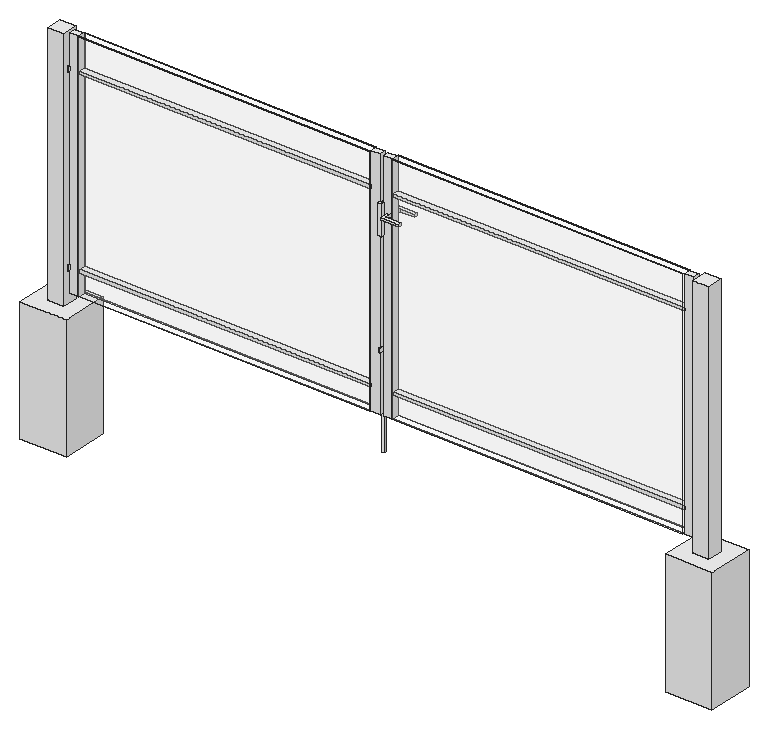
Revit family "NBS_BetafenceLimited_SStlGts_CreazenDouble", category Doors, host Face, Revit 2016
Family settings
  Host = Face
  OmniClass Number = 23.11.25.15.17
  OmniClass Title = Swinging Gates
  Cut with Voids When Loaded = No
  Shared = No
  Room Calculation Point = No
Parameters
  WidthOptions = "4000 mm"
  Width = 4300 mm
  WarrantyStartDate [instance] = "1900-12-31T23:59:59"
  WarrantyGuarantorParts = "n/a"
  WarrantyGuarantorLabor = "n/a"
  WarrantyDurationUnit = "year"
  WarrantyDurationParts = "n/a"
  WarrantyDurationLabor = "n/a"
  WarrantyDescription = "n/a"
  Version = "1"  # constant formula
  UpperHingeOffset = 180 mm
  Uniclass2015Version = "Products v1.6"
  Uniclass2015Title = "Stainless steel gates"
  Uniclass2015Code = "Pr_30_59_34_80"
  ThermalTransmittance = 0
  TagNumber [instance] = "n/a"
  SustainabilityPerformance = "n/a"
  SmokeStop = no
  Size = "To be taken from CAD"
  Shape = "n/a"
  SerialNumber [instance] = "n/a"
  SelfClosing = no
  SecurityRating = "n/a"
  SecurityLevel = "n/a"
  Revision = "n/a"
  ReplacementCost = "n/a"
  Reference = "n/a"
  ProductInformation = "//www.betafence.com/en/creazen-swing-gate"
  Posts = "n/a"
  NominalWidth = Width - PostWidth * 2  # 4100 mm
  NominalLength = 0 mm
  NominalHeight = Height  # 1568 mm
  Name = "StainlessSteelGates_CreazenDouble_BetafenceLimited"
  NBSTypeID = "n/a"
  NBSReference = "45-25-35/313"
  NBSOfficeMasterTag = "n/a"
  NBSNote = "n/a"
  NBSDescription = "Stainless steel gates"
  NBSCertification = "www.nationalbimlibrary.com/cert/4glbnbqb"
  ModelReference = "Creazen Double"
  ModelNumber = "n/a"
  Material = "steel: Type S235 JRH class 1, in accordance with EN 10219-1"
  ManufacturerURL = "www.betafence.co.uk"
  ManufacturerName = "Betafence Limited"  # constant formula
  Manufacturer = "sales.sheffield@betafence.com"  # constant formula
  LowerHingeOffset = 170 mm
  LeafFrameThickness = 60 mm  # constant formula
  IsExternal = yes
  InstallationDate [instance] = "1900-12-31T23:59:59"
  Infiltration = 0
  IfcExportType = "GATE"  # constant formula
  IfcExportAs = "IfcDoorType"  # constant formula
  HeightOptions = "1495 mm"
  HasFoundation [instance] = yes
  HardwareSecuring = "n/a"
  HardwareOperating = "n/a"
  HardwareHinges = "n/a"
  HandicapAccessible = no
  Grade = "n/a"
  GlazingAreaFraction = 0
  GateLeaves = "n/a"
  FireRating = "n/a"
  FireExit = no
  FinishLayerThickness [instance] = 20 mm
  PostMountDepth = 750 mm
  PostLeafGap = 20 mm  # constant formula
  Operation = "DOUBLE_DOOR_SINGLE_SWING"
  LeafWidth [instance] = (Width - (PostLeafGap * 3) - PostWidth * 2) * 0.5  # 2020 mm
  LeafThickness = 40 mm  # constant formula
  LeafMaterial = NBS_BetafenceLimited_StainlessSteelGates_Creazen_Grid
  PostWidth = 100 mm  # constant formula
  PostThickness = 100 mm  # constant formula
  Height = 1568 mm
  Function = 1
  Frame/MullionMaterial = NBS_Concept
  FoundationWidth [instance] = 300 mm
  FoundationMaterial = NBS_Concept
  FoundationDepth [instance] = 800 mm
  Finish = "Polyester coated"
  Features = "n/a"
  ExpectedLife = "n/a"
  DurationUnit = "year"
  Diameter = 0 mm
  Description = "Swing gate"
  Default Elevation = 0 mm
  Construction Type = "STEEL"
  Constituents = "n/a"
  Color = "Green (RAL 6005), black (RAL 9005)"
  CodePerformance = "CE Marking"
  Category = "Pr_30_59_34_80: Stainless steel gates"
  BarCode [instance] = "n/a"
  BIMObjectName = "NBS_BetafenceLimited_StainlessSteelGates_CreazenDouble"
  Author = "NBS"  # constant formula
  AssetType = "Fixed"
  AssetIdentifier [instance] = "n/a"
  Applications = "n/a"
  AcousticRating = "n/a"
  AccessibilityPerformance = "n/a"
  AccessControl = "n/a"
Reference planes
  plane 1 "Center (Front/Back)": y = 0
  plane 2: z = 0
  plane 3 "Center (Left/Right)": x = 0
  plane 4: x = -2150
  plane 5: x = 2150
  plane 6: x = -2050
  plane 7: x = 2050
  plane 8: y = 50
  plane 9: y = -50
  plane 10: z = -750
  plane 11: z = 1568
  plane 12: x = -2030
  plane 13: z = 50
  plane 14: x = 2030
  plane 15: y = 20
  plane 16: y = -20
  plane 17: y = 30
  plane 18: y = -30
  plane 19: z = -20
  plane 20: z = -820
  plane 21 "LatchPostCL": x = -2100
  plane 22 "HingePostCL": x = 2100
  plane 23: x = -2250
  plane 24: x = -1950
  plane 25: y = 150
  plane 26: y = -150
  plane 27: x = 2250
  plane 28: x = 1950
  plane 29: y = 10
  plane 30: y = -10
  plane 31: z = 1290
  plane 32: z = 1130
  plane 33: x = -1890
  plane 34 "GateSwing": y = 2178
  plane 35: z = 1508
  plane 36: x = 1970
  plane 37: x = -1970
  plane 38: z = 110
  plane 39: x = 0
  plane 40: x = 14
  plane 41: y = -40
  plane 42: z = 1104
  plane 43: z = 1294
  plane 44: x = 2063
  plane 45: x = 2080
  plane 46: x = 2120
  plane 47: y = 78
  plane 48: y = 98
  plane 49: z = 170
  plane 50: z = 230
  plane 51: z = 1388
  plane 52: z = 1328
  plane 53: x = 2057
  plane 54: z = 200
  plane 55: z = 1358
  plane 56: x = 2052
  plane 57: x = 2012
  plane 58: y = 158
  plane 59: y = -75
  plane 60: y = 75
  plane 61: y = -54
  plane 62: y = 54
  plane 63: x = 45
  plane 64: z = 1232
  plane 65: z = 1239
  plane 66: z = 1225
  plane 67: x = 56
  plane 68: x = 34
  plane 69: x = 153
  plane 70: z = 210
  plane 71: z = 190
  plane 72: z = 1368
  plane 73: z = 1348
  plane 74: y = 70
  plane 75: z = 217
  plane 76: z = 183
  plane 77: z = 1375
  plane 78: z = 1341
  plane 79: x = -10
  plane 80: x = 10
  plane 81: x = 70
  plane 82: x = -70
  plane 83: x = -2120
  plane 84: x = -2080
  plane 85: x = -2052
  plane 86: x = -2012
  plane 87: z = 446
  plane 88: z = 421
  plane 89: z = -203
  plane 90: x = -40
  plane 91: x = -53
  plane 92: x = -27
  plane 93: y = 46
  plane 94: y = 59
  plane 95: y = -35
Forms (mm)
  Extrusion 1, solid, material "NBS_Concept" <- "Frame/MullionMaterial"
    sketch origin (0, 0, 0) x (1, 0, 0) y (0, 1, 0)
      loop
        line (-2150, 50) -> (-2150, -50) -> (-2050, -50) -> (-2050, 50) -> (-2150, 50)
      loop
        line (2050, 50) -> (2050, -50) -> (2150, -50) -> (2150, 50) -> (2050, 50)
    from -750 to 1568
  Extrusion 2, solid, material "NBS_Concept" <- "Frame/MullionMaterial", detail levels medium+fine
    sketch origin (0, 0, 0) x (1, 0, 0) y (0, 0, 1)
      loop
        line (-2030, 1568) -> (-2030, 50) -> (-1970, 50) -> (-1970, 1568) -> (-2030, 1568)
      loop
        line (2030, 50) -> (2030, 1568) -> (1970, 1568) -> (1970, 50) -> (2030, 50)
    from -20 to 20
  Extrusion 3, solid, material "NBS_BetafenceLimited_StainlessSteelGates_Creazen_Grid" <- "LeafMaterial", detail levels medium+fine
    sketch origin (0, 0, 0) x (1, 0, 0) y (0, 0, 1)
      loop
        line (-1970, 1568) -> (-1970, 50) -> (-70, 50) -> (-70, 1568) -> (-1970, 1568)
      loop
        line (1970, 50) -> (1970, 1568) -> (70, 1568) -> (70, 50) -> (1970, 50)
    from 20 to 30
  Extrusion 4, void
    sketch origin (0, 0, 0) x (1, 0, 0) y (0, 1, 0)
      loop
        line (-2150, 50) -> (-2150, -50) -> (-2050, -50) -> (-2050, 50) -> (-2150, 50)
      loop
        line (2050, 50) -> (2050, -50) -> (2150, -50) -> (2150, 50) -> (2050, 50)
    from -750 to 0
  Extrusion 5, void
    sketch origin (0, 0, 0) x (1, 0, 0) y (0, 1, 0)
      loop
        line (-2250, 150) -> (-2250, -150) -> (-1950, -150) -> (-1950, 150) -> (-2250, 150)
      loop
        line (1950, 150) -> (1950, -150) -> (2250, -150) -> (2250, 150) -> (1950, 150)
    from -820 to -20
  Extrusion 6, solid, material "NBS_Concept" <- "FoundationMaterial", visible <- "HasFoundation"
    sketch origin (0, 0, 0) x (1, 0, 0) y (0, 1, 0)
      loop
        line (-2250, 150) -> (-2250, -150) -> (-1950, -150) -> (-1950, 150) -> (-2250, 150)
      loop
        line (1950, 150) -> (1950, -150) -> (2250, -150) -> (2250, 150) -> (1950, 150)
    from -820 to -20
  Extrusion 7, solid, material "NBS_BetafenceLimited_StainlessSteelGates_Creazen_Grid" <- "LeafMaterial", detail levels coarse
    sketch origin (0, 0, 0) x (1, 0, 0) y (0, 0, 1)
      loop
        line (-2030, 1568) -> (-2030, 50) -> (-10, 50) -> (-10, 1568) -> (-2030, 1568)
      loop
        line (2030, 50) -> (2030, 1568) -> (10, 1568) -> (10, 50) -> (2030, 50)
    from -30 to 30
  Extrusion 8, solid, material "NBS_Concept" <- "Frame/MullionMaterial", detail levels medium+fine
    sketch origin (0, 0, 0) x (1, 0, 0) y (0, 1, 0)
      loop
        line (0, 20) -> (-10, 20) -> (-10, -40) -> (14, -40) -> (14, -20) -> (0, -20) -> (0, 20)
    from 1104 to 1294
  Extrusion 9, solid, material "NBS_Concept" <- "Frame/MullionMaterial", detail levels fine
    sketch origin (0, 0, 0) x (1, 0, 0) y (0, 1, 0)
      loop
        line (2080, 78) -> (2080, 50) -> (2120, 50) -> (2120, 78)
        arc (2120, 78) -> (2100, 98) -> (2080, 78) r 20
      loop
        line (-2120, 78) -> (-2120, 50) -> (-2080, 50) -> (-2080, 78)
        arc (-2080, 78) -> (-2100, 98) -> (-2120, 78) r 20
    from 170 to 230
  Extrusion 10, solid, material "NBS_Concept" <- "Frame/MullionMaterial", detail levels medium
    sketch origin (0, 0, 0) x (1, 0, 0) y (0, 1, 0)
      loop
        line (2080, 98) -> (2080, 50) -> (2120, 50) -> (2120, 98) -> (2080, 98)
      loop
        line (-2120, 50) -> (-2080, 50) -> (-2080, 98) -> (-2120, 98) -> (-2120, 50)
    from 170 to 230
  Extrusion 11, solid, material "NBS_Concept" <- "Frame/MullionMaterial", detail levels coarse
    sketch origin (0, 0, 0) x (1, 0, 0) y (0, 1, 0)
      loop
        line (2080, 98) -> (2080, 50) -> (2120, 50) -> (2120, 98) -> (2080, 98)
      loop
        line (-2120, 50) -> (-2080, 50) -> (-2080, 98) -> (-2120, 98) -> (-2120, 50)
    from 1328 to 1388
  Extrusion 12, solid, material "NBS_Concept" <- "Frame/MullionMaterial", detail levels medium+fine
    sketch origin (0, 0, 0) x (1, 0, 0) y (0, 1, 0)
      loop
        line (2080, 78) -> (2080, 50) -> (2120, 50) -> (2120, 78)
        arc (2120, 78) -> (2100, 98) -> (2080, 78) r 20
      loop
        line (-2120, 50) -> (-2080, 50) -> (-2080, 78)
        arc (-2080, 78) -> (-2100, 98) -> (-2120, 78) r 20
        line (-2120, 78) -> (-2120, 50)
    from 1328 to 1388
  Extrusion 13, solid, material "NBS_Concept" <- "Frame/MullionMaterial", detail levels medium+fine
    sketch origin (0, 0, 0) x (1, 0, 0) y (0, 1, 0)
      loop
        line (56, -54) -> (56, 54) -> (153, 54) -> (153, 75) -> (34, 75) -> (34, -75) -> (153, -75) -> (153, -54) -> (56, -54)
    from 1225 to 1239
  Extrusion 14, solid, material "NBS_BetafenceLimited_StainlessSteelGates_Creazen_Grid", detail levels medium+fine
    sketch origin (0, 0, 0) x (1, 0, 0) y (0, 0, 1)
      loop
        line (-1970, 1568) -> (-1970, 50) -> (-70, 50) -> (-70, 1568) -> (-1970, 1568)
      loop
        line (1970, 1568) -> (70, 1568) -> (70, 50) -> (1970, 50) -> (1970, 1568)
    from -30 to -20
  Extrusion 15, solid, material "NBS_Concept" <- "Frame/MullionMaterial", detail levels medium+fine
    sketch origin (0, 0, 0) x (1, 0, 0) y (0, 0, 1)
      loop
        line (1970, 1368) -> (70, 1368) -> (70, 1348) -> (1970, 1348) -> (1970, 1368)
      loop
        line (-1970, 1368) -> (-1970, 1348) -> (-70, 1348) -> (-70, 1368) -> (-1970, 1368)
      loop
        line (1970, 190) -> (1970, 210) -> (70, 210) -> (70, 190) -> (1970, 190)
      loop
        line (-1970, 210) -> (-1970, 190) -> (-70, 190) -> (-70, 210) -> (-1970, 210)
    from -20 to 20
  Sweep 16, solid, material "NBS_Concept" <- "Frame/MullionMaterial", detail levels fine
    path origin (0, 0, 0) x (1, 0, 0) y (0, 1, 0)
      loop
        line (2100, 70) -> (2044, 70)
        arc (2044, 70) -> (2034.101, 65.899) -> (2030, 56) r 14
        line (2030, 56) -> (2030, -20)
    profile origin (2072, 70, 0) x (0, -1, 0) y (0, 0, 1)
      loop
        line (0, 1375) -> (0, 1341) -> (6, 1341) -> (6, 1375) -> (0, 1375)
      loop
        line (0, 217) -> (0, 183) -> (6, 183) -> (6, 217) -> (0, 217)
  Extrusion 17, solid, material "NBS_Concept" <- "Frame/MullionMaterial", detail levels medium+fine
    sketch origin (0, 0, 0) x (1, 0, 0) y (0, 1, 0)
      loop
        line (70, 20) -> (10, 20) -> (10, -20) -> (70, -20) -> (70, 20)
      loop
        line (-70, 20) -> (-70, -20) -> (-10, -20) -> (-10, 20) -> (-70, 20)
    from 50 to 1568
  Sweep 18, solid, material "NBS_Concept" <- "Frame/MullionMaterial", detail levels medium+fine
    path origin (0, 0, 0) x (1, 0, 0) y (0, 1, 0)
      loop
        line (-2100, 70) -> (-2044, 70)
        arc (-2044, 70) -> (-2034.101, 65.899) -> (-2030, 56) r 14
        line (-2030, 56) -> (-2030, -30)
    profile origin (-2072, 70, 0) x (0, 1, 0) y (0, 0, 1)
      loop
        line (0, 183) -> (0, 217) -> (-6, 217) -> (-6, 183) -> (0, 183)
      loop
        line (-6, 1375) -> (-6, 1341) -> (0, 1341) -> (0, 1375) -> (-6, 1375)
  Extrusion 19, solid, material "NBS_Concept" <- "Frame/MullionMaterial", detail levels medium+fine
    sketch origin (0, 0, 0) x (1, 0, 0) y (0, 1, 0)
      loop
        circle (-40, 46) r 9.5
    from -203 to 446
  Extrusion 20, solid, material "NBS_Concept" <- "Frame/MullionMaterial", detail levels medium+fine
    sketch origin (0, 0, 0) x (1, 0, 0) y (0, 1, 0)
      loop
        arc (-40, 59) -> (-49.192, 55.192) -> (-53, 46) r 13
        line (-53, 46) -> (-53, 30) -> (-10, 30) -> (-10, -35) -> (0, -35) -> (0, 59) -> (-40, 59)
    from 421 to 446
  Extrusion 21, solid, material "NBS_Concept" <- "Frame/MullionMaterial", detail levels medium+fine
    sketch origin (0, 0, 0) x (1, 0, 0) y (0, 1, 0)
      loop
        line (-53, 46) -> (-53, 20) -> (-27, 20) -> (-27, 46)
        arc (-27, 46) -> (-40, 59) -> (-53, 46) r 13
    from 50 to 110
  Extrusion 22, void, detail levels medium+fine
    sketch origin (0, 0, 0) x (1, 0, 0) y (0, 1, 0)
      loop
        circle (-40, 46) r 10
    from -203 to 0
Cuts and joins
  Extrusion 4 cuts Extrusion 6
Lines and regions (mm)
  symbolic lines, style "DoorsPanelProjection", detail levels medium+fine
    curve 1: line (2052, 2178, 0) -> (2052, 158, 0)
    curve 2: line (2052, 2178, 0) -> (2012, 2178, 0)
    curve 3: line (2012, 2178, 0) -> (2012, 158, 0)
    curve 4: line (2012, 158, 0) -> (2052, 158, 0)
    curve 5: line (-2052, 2178, 0) -> (-2052, 158, 0)
    curve 6: line (-2052, 158, 0) -> (-2012, 158, 0)
    curve 7: line (-2012, 158, 0) -> (-2012, 2178, 0)
    curve 8: line (-2012, 2178, 0) -> (-2052, 2178, 0)
  symbolic lines, style "Plan Swing", detail levels medium+fine
    curve 9: arc (-10, 30, 0) -> (-561.907, 1549.944, 0) -> (-2052, 2178, 0) r 2020
    curve 10: arc (10, 30, 0) -> (561.907, 1549.944, 0) -> (2052, 2178, 0) r 2020
  symbolic lines, style "Plan Swing", detail levels coarse
    curve 11: arc (0, 78, 0) -> (615.076, 1562.924, 0) -> (2100, 2178, 0) r 2100
    curve 13: arc (0, 78, 0) -> (-615.076, 1562.924, 0) -> (-2100, 2178, 0) r 2100
  symbolic lines, style "DoorsPanelProjection", detail levels coarse
    curve 12: line (2100, 2178, 0) -> (2100, 50, 0)
    curve 14: line (-2100, 50, 0) -> (-2100, 2178, 0)
Dimensions and locks
  equal spacing: plane 8, plane 1 "Center (Front/Back)", plane 9
  "PostThickness": plane 8 to plane 9
  "PostMountDepth": plane 2 to plane 10
  "Height": plane 11 to plane 2
  "PostLeafGap": plane 7 to plane 14
  "PostWidth": plane 6 to plane 4
  "PostWidth": plane 7 to plane 5
  "Width": plane 5 to plane 4
  equal spacing: plane 5, plane 3 "Center (Left/Right)", plane 4
  equal spacing: plane 15, plane 1 "Center (Front/Back)", plane 16
  "LeafThickness": plane 15 to plane 16
  equal spacing: plane 17, plane 1 "Center (Front/Back)", plane 18
  equal spacing: plane 6, plane 21 "LatchPostCL", plane 4
  equal spacing: plane 7, plane 22 "HingePostCL", plane 5
  locked: plane 13 to plane 2 at 50
  "FinishLayerThickness": plane 2 to plane 19
  equal spacing: plane 23, plane 21 "LatchPostCL", plane 24
  "FoundationWidth": plane 23 to plane 24
  equal spacing: plane 25, plane 1 "Center (Front/Back)", plane 26
  "FoundationWidth": plane 25 to plane 26
  equal spacing: plane 28, plane 22 "HingePostCL", plane 27
  "FoundationWidth": plane 28 to plane 27
  "FoundationDepth": plane 19 to plane 20
  equal spacing: plane 30, plane 1 "Center (Front/Back)", plane 29
  locked: plane 30 to plane 29 at 20
  locked: plane 31 to plane 32 at 160
  locked: plane 31 to plane 13 at 1240
  "PostLeafGap": plane 6 to plane 12
  "LeafWidth": plane 58 to plane 34 "GateSwing"
  "LeafFrameThickness": plane 37 to plane 12
  "LeafFrameThickness": plane 14 to plane 36
  "LeafFrameThickness": plane 11 to plane 35
  "LeafFrameThickness": plane 38 to plane 13
  locked: plane 33 to plane 12 at 140
  locked: plane 16 to plane 41 at 20
  locked: plane 43 to plane 31 at 4
  locked: plane 32 to plane 42 at 26
  locked: plane 14 to plane 44 at 33
  equal spacing: plane 45, plane 22 "HingePostCL", plane 46
  locked: plane 45 to plane 46 at 40
  locked: plane 47 to plane 8 at 28
  locked: plane 48 to plane 8 at 48
  "LowerHingeOffset": plane 49 to plane 2
  plane 50 to plane 49 = 60 mm
  "UpperHingeOffset": plane 11 to plane 51
  locked: plane 51 to plane 52 at 60
  locked: plane 53 to plane 44 at 6
  equal spacing: plane 51, plane 55, plane 52
  equal spacing: plane 50, plane 54, plane 49
  locked: plane 56 to plane 22 "HingePostCL" at 48
  "LeafThickness": plane 57 to plane 56
  plane 58 to plane 47 = 80 mm
  locked: plane 16 to plane 59 at 55
  locked: plane 15 to plane 60 at 55
  locked: plane 61 to plane 59 at 21
  locked: plane 60 to plane 62 at 21
  locked: plane 31 to plane 64 at 58
  equal spacing: plane 65, plane 64, plane 66
  locked: plane 65 to plane 66 at 14
  equal spacing: plane 68, plane 63, plane 67, locked at 11 each
  locked: plane 68 to plane 67 at 22
  locked: plane 63 to plane 69 at 108
  locked: plane 8 to plane 18 at 80
  equal spacing: plane 72, plane 55, plane 73
  locked: plane 72 to plane 73 at 20
  equal spacing: plane 70, plane 54, plane 71
  locked: plane 70 to plane 71 at 20
  locked: plane 74 to plane 8 at 20
  locked: plane 77 to plane 72 at 7
  plane 73 to plane 78 = 7 mm
  locked: plane 75 to plane 70 at 7
  locked: plane 71 to plane 76 at 7
  equal spacing: plane 79, plane 3 "Center (Left/Right)", plane 80
  "PostLeafGap": plane 79 to plane 80
  "LeafFrameThickness": plane 82 to plane 79
  "LeafFrameThickness": plane 80 to plane 81
  locked: plane 80 to plane 63 at 35
  locked: plane 39 to plane 40 at 14
  locked: plane 79 to plane 39 at 10
  plane 83 to plane 21 "LatchPostCL" to plane 84 = 20 mm, 20 mm
  locked: plane 83 to plane 84 at 40
  locked: plane 21 "LatchPostCL" to plane 85 at 48
  "LeafThickness": plane 85 to plane 86
  locked: plane 87 to plane 13 at 396
  locked: plane 87 to plane 88 at 25
  locked: level to plane 89 at 203
  locked: plane 90 to plane 79 at 30
  equal spacing: plane 91, plane 90, plane 92
  locked: plane 91 to plane 92 at 26
  locked: plane 17 to plane 93 at 16
  locked: plane 94 to plane 93 at 13
  locked: plane 18 to plane 95 at 5
  "LeafWidth": radius of curve 9
  "LeafWidth": radius of curve 10
  aligned and locked: host face to plane 2
  aligned and locked: host face to level
  aligned and locked: Extrusion 1 sketch curve to plane 8  (x2)
  aligned and locked: plane 4 to Extrusion 1 sketch curve
  aligned and locked: plane 9 to Extrusion 1 sketch curve
  aligned and locked: Extrusion 1 sketch curve to plane 6
  aligned and locked: Extrusion 1 sketch curve to plane 7
  aligned and locked: Extrusion 1 sketch curve to plane 9
  aligned and locked: plane 5 to Extrusion 1 sketch curve
  aligned and locked: Extrusion 1 to plane 10
  aligned and locked: Extrusion 1 to plane 11
  aligned and locked: Extrusion 2 sketch curve to plane 11
  aligned and locked: plane 12 to Extrusion 2 sketch curve
  aligned and locked: plane 13 to Extrusion 2 sketch curve
  aligned and locked: Extrusion 2 sketch curve to plane 14
  aligned and locked: Extrusion 2 to plane 15
  aligned and locked: Extrusion 2 to plane 16
  aligned and locked: Extrusion 3 to plane 18
  aligned and locked: Extrusion 4 sketch curve to Extrusion 1  (x8)
  aligned and locked: Extrusion 4 to plane 10
  aligned and locked: Extrusion 4 to plane 2
  aligned and locked: Extrusion 5 sketch curve to plane 25  (x2)
  aligned and locked: plane 23 to Extrusion 5 sketch curve
  aligned and locked: plane 26 to Extrusion 5 sketch curve
  aligned and locked: plane 24 to Extrusion 5 sketch curve
  aligned and locked: plane 28 to Extrusion 5 sketch curve
  aligned and locked: Extrusion 5 sketch curve to plane 26
  aligned and locked: plane 27 to Extrusion 5 sketch curve
  aligned and locked: Extrusion 5 to plane 19
  aligned and locked: Extrusion 5 to plane 20
  aligned and locked: Extrusion 6 sketch curve to plane 25  (x2)
  aligned and locked: plane 23 to Extrusion 6 sketch curve
  aligned and locked: plane 26 to Extrusion 6 sketch curve
  aligned and locked: plane 24 to Extrusion 6 sketch curve
  aligned and locked: plane 28 to Extrusion 6 sketch curve
  aligned and locked: Extrusion 6 sketch curve to plane 26
  aligned and locked: plane 27 to Extrusion 6 sketch curve
  aligned and locked: Extrusion 6 to plane 20
  aligned and locked: Extrusion 6 to plane 19
  aligned and locked: Extrusion 7 sketch curve to Extrusion 2  (x4)
  aligned and locked: plane 36 to Extrusion 2 sketch curve
  aligned and locked: Extrusion 2 sketch curve to plane 37
  aligned and locked: Extrusion 3 sketch curve to plane 36
  aligned and locked: plane 37 to Extrusion 3 sketch curve
  aligned and locked: Extrusion 8 sketch curve to plane 15
  aligned and locked: Extrusion 8 sketch curve to plane 41
  aligned and locked: Extrusion 8 sketch curve to plane 40
  aligned and locked: Extrusion 8 sketch curve to plane 39
  aligned and locked: plane 16 to Extrusion 8 sketch curve
  aligned and locked: plane 42 to Extrusion 8
  aligned and locked: Extrusion 8 to plane 43
  aligned and locked: Extrusion 9 sketch curve to plane 45
  aligned and locked: Extrusion 9 sketch curve to plane 46
  aligned and locked: Extrusion 9 sketch curve to plane 8  (x2)
  aligned and locked: Extrusion 9 to plane 49
  aligned and locked: plane 50 to Extrusion 9
  aligned and locked: Extrusion 10 sketch curve to plane 48  (x2)
  aligned and locked: Extrusion 10 sketch curve to plane 46
  aligned and locked: Extrusion 10 sketch curve to plane 45
  aligned and locked: Extrusion 10 sketch curve to plane 8  (x2)
  aligned and locked: Extrusion 10 to plane 49
  aligned and locked: plane 50 to Extrusion 10
  aligned and locked: Extrusion 11 sketch curve to plane 45
  aligned and locked: Extrusion 11 sketch curve to plane 46
  aligned and locked: Extrusion 11 sketch curve to plane 48  (x2)
  aligned and locked: Extrusion 11 sketch curve to plane 8  (x2)
  aligned and locked: Extrusion 11 to plane 52
  aligned and locked: plane 51 to Extrusion 11
  aligned and locked: Extrusion 12 sketch curve to plane 45
  aligned and locked: Extrusion 12 sketch curve to plane 46
  aligned and locked: Extrusion 12 sketch curve to plane 8  (x2)
  aligned and locked: Extrusion 12 to plane 52
  aligned and locked: plane 51 to Extrusion 12
  aligned and locked: plane 61 to Extrusion 13 sketch curve
  aligned and locked: Extrusion 13 sketch curve to plane 69  (x2)
  aligned and locked: plane 59 to Extrusion 13 sketch curve
  aligned and locked: Extrusion 13 sketch curve to plane 68
  aligned and locked: Extrusion 13 sketch curve to plane 67
  aligned and locked: plane 62 to Extrusion 13 sketch curve
  aligned and locked: plane 60 to Extrusion 13 sketch curve
  aligned and locked: plane 66 to Extrusion 13
  aligned and locked: Extrusion 13 to plane 65
  aligned and locked: Extrusion 3 sketch curve to plane 11
  aligned and locked: plane 13 to Extrusion 3 sketch curve
  aligned and locked: Extrusion 3 to plane 16
  aligned and locked: Extrusion 7 to plane 18
  aligned and locked: Extrusion 7 to plane 17
  aligned and locked: Extrusion 14 sketch curve to plane 37
  aligned and locked: Extrusion 14 sketch curve to plane 13
  aligned and locked: Extrusion 14 sketch curve to plane 36
  aligned and locked: Extrusion 14 sketch curve to plane 11
  aligned and locked: Extrusion 14 to plane 17
  aligned and locked: Extrusion 14 to plane 15
  aligned and locked: Extrusion 15 sketch curve to plane 72
  aligned and locked: Extrusion 15 sketch curve to plane 73
  aligned and locked: Extrusion 15 sketch curve to plane 36
  aligned and locked: Extrusion 15 sketch curve to plane 37
  aligned and locked: Extrusion 15 sketch curve to plane 71
  aligned and locked: Extrusion 15 sketch curve to plane 70
  aligned and locked: Extrusion 15 to plane 15
  aligned and locked: Extrusion 15 to plane 16
  aligned and locked: plane 74 to Sweep 16 sketch curve
  aligned and locked: plane 75 to Sweep 16 sketch curve
  aligned and locked: plane 76 to Sweep 16 sketch curve
  aligned and locked: plane 78 to Sweep 16 sketch curve
  aligned and locked: plane 77 to Sweep 16 sketch curve
  aligned and locked: Extrusion 3 sketch curve to plane 82
  aligned and locked: Extrusion 3 sketch curve to plane 81
  aligned and locked: Extrusion 15 sketch curve to plane 82
  aligned and locked: Extrusion 15 sketch curve to plane 81
  aligned and locked: Extrusion 17 sketch curve to plane 82
  aligned and locked: Extrusion 17 sketch curve to plane 79
  aligned and locked: Extrusion 17 sketch curve to plane 80
  aligned and locked: Extrusion 17 sketch curve to plane 81
  aligned and locked: Extrusion 17 to plane 13
  aligned and locked: Extrusion 17 to plane 11
  aligned and locked: Extrusion 17 sketch curve to plane 15  (x2)
  aligned and locked: plane 16 to Extrusion 17 sketch curve  (x2)
  aligned and locked: Extrusion 8 sketch curve to plane 79
  aligned and locked: Extrusion 11 sketch curve to plane 83
  aligned and locked: Extrusion 11 sketch curve to plane 84
  aligned and locked: Extrusion 10 sketch curve to plane 83
  aligned and locked: Extrusion 10 sketch curve to plane 84
  aligned and locked: Extrusion 12 sketch curve to plane 83
  aligned and locked: Extrusion 12 sketch curve to plane 84
  aligned and locked: Extrusion 9 sketch curve to plane 83
  aligned and locked: Extrusion 9 sketch curve to plane 84
  aligned and locked: plane 74 to Sweep 18 sketch curve
  aligned and locked: plane 76 to Sweep 18 sketch curve
  aligned and locked: plane 75 to Sweep 18 sketch curve
  aligned and locked: plane 77 to Sweep 18 sketch curve
  aligned and locked: plane 78 to Sweep 18 sketch curve
  aligned and locked: plane 89 to Extrusion 19
  aligned and locked: plane 87 to Extrusion 19
  aligned and locked: Extrusion 20 sketch curve to plane 94
  aligned and locked: Extrusion 20 sketch curve to plane 91
  aligned and locked: Extrusion 20 sketch curve to plane 17
  aligned and locked: Extrusion 20 sketch curve to plane 95
  aligned and locked: Extrusion 20 sketch curve to plane 79
  aligned and locked: Extrusion 20 sketch curve to plane 39
  aligned and locked: Extrusion 20 to plane 88
  aligned and locked: plane 87 to Extrusion 20
  aligned and locked: Extrusion 21 sketch curve to plane 91
  aligned and locked: Extrusion 21 sketch curve to plane 92
  aligned and locked: Extrusion 21 to plane 13
  aligned and locked: plane 38 to Extrusion 21
  aligned and locked: Extrusion 21 sketch curve to plane 15
  aligned and locked: plane 89 to Extrusion 22
  aligned and locked: plane 2 to Extrusion 22
  aligned and locked: curve 12 to plane 22 "HingePostCL"
  aligned and locked: plane 8 to curve 12
  aligned and locked: plane 34 "GateSwing" to curve 12
  aligned and locked: plane 47 to curve 11
  aligned and locked: plane 34 "GateSwing" to curve 13
  aligned and locked: plane 21 "LatchPostCL" to curve 13
  aligned and locked: plane 85 to curve 5
  aligned and locked: curve 8 to plane 34 "GateSwing"
  aligned and locked: curve 1 to plane 56
  aligned and locked: curve 2 to plane 34 "GateSwing"
  aligned and locked: plane 8 to curve 14
  aligned and locked: plane 3 "Center (Left/Right)" to curve 11
  aligned and locked: plane 47 to curve 13
  aligned and locked: plane 17 to curve 9
  aligned and locked: plane 79 to curve 9
  aligned and locked: plane 17 to curve 10
  aligned and locked: plane 80 to curve 10
Automatic sketch dimensions
  host sketch curve to host sketch curve = 5174.795 mm
  host sketch curve to host sketch curve = 2438.4 mm
  Extrusion 6 sketch curve to plane 26 = 0 mm
  Extrusion 2 sketch curve to plane 11 = 0 mm
  Extrusion 2 sketch curve to plane 13 = 0 mm
  Extrusion 15 sketch curve to plane 37 = 0 mm
  Extrusion 15 sketch curve to plane 36 = 0 mm
  Sweep 16 sketch curve to plane 14 = 0 mm
  Sweep 16 sketch curve to plane 74 = 0 mm
  Sweep 16 sketch curve to plane 22 "HingePostCL" = 0 mm
  Sweep 16 sketch curve to plane 16 = 0 mm
  plane 62 to Sweep 16 sketch curve = 2 mm
  Sweep 16 sketch curve to Sweep 16 sketch curve = 0 mm
  Sweep 16 sketch curve to profile plane = 0 mm
  Extrusion 7 sketch curve to plane 79 = 0 mm
  Extrusion 7 sketch curve to plane 11 = 0 mm
  Extrusion 7 sketch curve to plane 80 = 0 mm
  Extrusion 7 sketch curve to plane 13 = 0 mm
  Extrusion 14 sketch curve to plane 81 = 0 mm
  plane 82 to Extrusion 14 sketch curve = 0 mm
  Extrusion 14 sketch curve to Extrusion 14 sketch curve = 0 mm  (x2)
  Extrusion 3 sketch curve to Extrusion 3 sketch curve = 0 mm
  Extrusion 3 sketch curve to plane 13 = 0 mm
  Extrusion 15 sketch curve to Extrusion 15 sketch curve = 0 mm  (x3)
  Extrusion 15 sketch curve to plane 82 = 0 mm
  Extrusion 15 sketch curve to plane 70 = 0 mm
  Extrusion 15 sketch curve to plane 81 = 0 mm
  Extrusion 12 sketch curve to plane 47 = 0 mm  (x2)
  Extrusion 9 sketch curve to plane 47 = 0 mm  (x2)
  Sweep 18 sketch curve to plane 21 "LatchPostCL" = 0 mm
  Sweep 18 sketch curve to plane 74 = 0 mm
  Sweep 18 sketch curve to plane 12 = 0 mm
  Sweep 18 sketch curve to plane 18 = 0 mm
  plane 62 to Sweep 18 sketch curve = 2 mm
  profile plane to Sweep 18 sketch curve = 6 mm  (x2)
  Sweep 18 sketch curve to Sweep 18 sketch curve = 0 mm
  Sweep 16 sketch curve to profile plane = 6 mm
  Extrusion 19 sketch curve to plane 90 = 0 mm
  Extrusion 19 sketch curve to plane 93 = 0 mm
  Extrusion 20 sketch curve to plane 90 = 0 mm
  Extrusion 21 sketch curve to plane 93 = 0 mm
  Extrusion 22 sketch curve to plane 90 = 0 mm
  Extrusion 22 sketch curve to plane 93 = 0 mm
  plane 58 to curve 6 = 0 mm
  curve 6 to plane 86 = 0 mm
  curve 3 to plane 57 = 0 mm
  plane 58 to curve 3 = 0 mm
  radius of Extrusion 19 sketch curve = 9.5 mm
  radius of Extrusion 22 sketch curve = 10 mm
